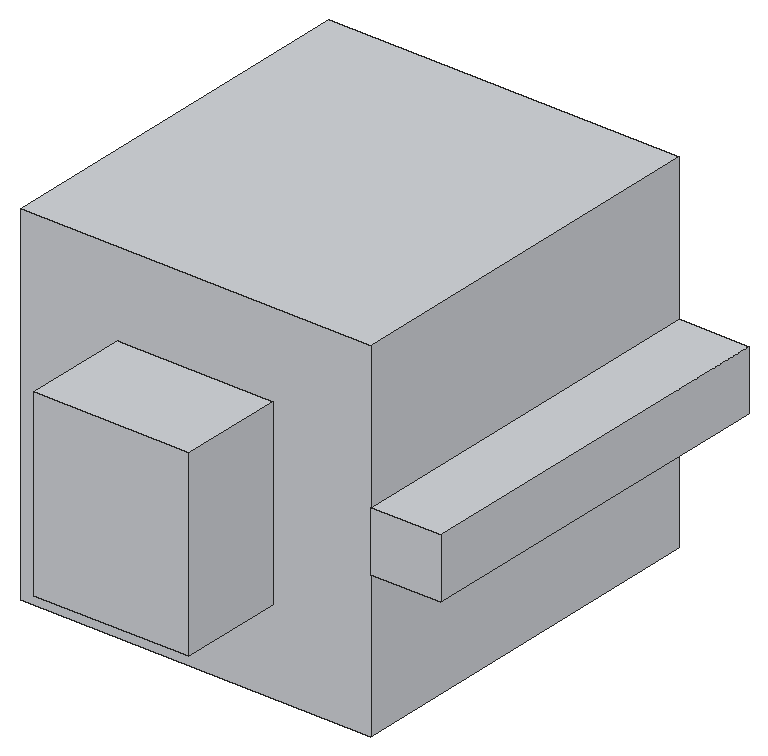
Revit family "НЕВАТОМ_Адаптер РЩ-П-1_20220407", category Арматура воздуховодов, Revit 2017
Family settings
  Размер круглого соединителя = Использовать диаметр
  Тип детали = Вставляется
  На основе рабочей плоскости = Нет
  Всегда вертикально = Нет
  При загрузке вырезать с полостями = Нет
  Общий = Нет
Parameters (values of type "РЩ-П-1")
  Материал = Материал корпуса
  t = 2 mm  # constant formula
  Nevatom_Частотный преобразователь = ""
  Nevatom_Регулятор расхода = ""
  Nevatom_URL = "https://t.me/NEVATOM_Bim_bot"
  Nevatom_ Для задания электроснабжения = ""
  H2 [instance] = 150 mm
  B2 [instance] = 220.82 mm
  ADSK_Размер_Ширина [instance] = B + 16 mm  # 550 mm
  ADSK_Размер_Длина [instance] = H1 + H  # 600 mm
  ADSK_Размер_Высота [instance] = A1  # 500 mm
  ADSK_Материал наименование = "Оцинкованная сталь"  # constant formula
  A+3 [instance] = A + 3 mm  # 86 mm
  H1 [instance] = 500 mm
  H [instance] = 100 mm
  B+16 [instance] = B + 16 mm  # 550 mm
  B [instance] = 534 mm
  A2 [instance] = 260 mm
  A1 [instance] = 500 mm
  A = 83 mm
  ADSK_Примечание = ""
  ADSK_Позиция = ""
  ADSK_Наименование = "АДАПТЕР РЩ"
  ADSK_Масса_Текст = "кг"
  ADSK_Масса = 0
  ADSK_Марка = "-П-1-ОЦ.-0.7-Т2-RAL1000"
  ADSK_Код изделия = ""
  ADSK_Завод-изготовитель = "NEVATOM"
  ADSK_Единица измерения = "шт"
Reference planes
  plane 1 "По центру (Вперед/Назад)": y = 0
  plane 2: z = -250
  plane 3 "По центру (Влево/Вправо)": x = 0
  plane 4: x = -250
  plane 5: x = 250
  plane 6: z = 250
  plane 7: y = -275
  plane 8: y = 275
  plane 9: z = 0
  plane 10: x = 350
  plane 11: z = 130
  plane 12: z = -130
  plane 13: x = -110.41
  plane 14: x = 110.41
  plane 15: y = -425
Forms (mm)
  Extrusion 1, solid
    sketch origin (0, 0, 0) x (1, 0, 0) y (0, 0, 1)
      loop
        line (-250, 250) -> (-250, -250) -> (250, -250) -> (250, 250) -> (-250, 250)
    from -275 to 275
  Extrusion 2, solid
    sketch origin (0, 0, 0) x (1, 0, 0) y (0, 1, 0)
      loop
        line (250, 275) -> (250, -275) -> (350, -275) -> (350, 275) -> (250, 275)
    from -43 to 43
  Extrusion 3, solid
    sketch origin (0, 0, 0) x (1, 0, 0) y (0, 0, 1)
      loop
        line (-110.41, 130) -> (-110.41, -130) -> (110.41, -130) -> (110.41, 130) -> (-110.41, 130)
    from 275 to 425
Dimensions and locks
  equal spacing: plane 4, plane 3 "По центру (Влево/Вправо)", plane 5
  equal spacing: plane 5, plane 3 "По центру (Влево/Вправо)", plane 4
  "A1": plane 6 to plane 2
  equal spacing: plane 6, level, plane 2
  "H1": plane 5 to plane 4
  equal spacing: plane 8, plane 1 "По центру (Вперед/Назад)", plane 7
  "B+16": plane 8 to plane 7
  "H": plane 5 to plane 10
  equal spacing: Extrusion 2, level, Extrusion 2
  "A+3": Extrusion 2 to Extrusion 2
  equal spacing: plane 14, plane 3 "По центру (Влево/Вправо)", plane 13
  equal spacing: plane 11, level, plane 12
  "B2": plane 14 to plane 13
  "A2": plane 11 to plane 12
  "H2": plane 7 to plane 15
  aligned and locked: level to plane 9
  aligned and locked: Extrusion 1 sketch curve to plane 6
  aligned and locked: plane 4 to Extrusion 1 sketch curve
  aligned and locked: plane 2 to Extrusion 1 sketch curve
  aligned and locked: Extrusion 1 sketch curve to plane 5
  aligned and locked: Extrusion 1 to plane 7
  aligned and locked: plane 8 to Extrusion 1
  aligned and locked: Extrusion 1 to Extrusion 2 sketch curve
  aligned and locked: Extrusion 2 sketch curve to Extrusion 1
  aligned and locked: plane 7 to Extrusion 2 sketch curve
  aligned and locked: Extrusion 2 sketch curve to plane 10
  aligned and locked: Extrusion 3 sketch curve to plane 11
  aligned and locked: plane 13 to Extrusion 3 sketch curve
  aligned and locked: plane 12 to Extrusion 3 sketch curve
  aligned and locked: Extrusion 3 sketch curve to plane 14
  aligned and locked: Extrusion 3 to plane 15
  aligned and locked: plane 7 to Extrusion 3
  aligned and locked: nested 1 to Extrusion 1  (x2)
  aligned and locked: Extrusion 1 to nested 1
Nested families
  nested 1: "НЕВАТОМ_QR-AxB" at (200, -225, 250), type "Nevatom_Logo_100x100", not visible
Connectors
  hvac at (350, 0, 0), driven by "A", driven by "B"
    settings: on Extrusion 2, index 1, duct flow 0.0 L/s, flow factor 0, pres drop 0.0 Pa, loss coef 0, conn angle 0.00°, conn width 534 mm, conn height 83 mm, conn diameter 609.6 mm, duct sys type 29, conn prof type 1, flow config 0, flow direction 0, loss method 0, conn ref index -1, conn util no, is conn primary yes, conn desc ""
  hvac at (0, -425, 0), driven by "A2", driven by "B2"
    settings: on Extrusion 3, index 2, duct flow 0.0 L/s, flow factor 0, pres drop 0.0 Pa, loss coef 0, conn angle 0.00°, conn width 220.82 mm, conn height 260 mm, conn diameter 609.6 mm, duct sys type 29, conn prof type 1, flow config 0, flow direction 0, loss method 0, conn ref index -1, conn util no, is conn primary no, conn desc ""
Definition of nested family "НЕВАТОМ_QR-AxB"
  Parameters (values of type "Nevatom_Logo_50x50")
    Logo_Image = none
    L = 2 mm
    B = A  # 50 mm
    A = 50 mm
  Types (5, lengths in mm): name | B | A
    (no name) | 50 | 50
    Nevatom_Logo_200x200 | 200 | 200
    Nevatom_Logo_100x100 | 100 | 100
    Nevatom_Logo_50x50 | 50 | 50
    Nevatom_Logo_25x25 | 25 | 25
  Reference planes
    plane 1 "По центру (Вперед/Назад)": y = 0
    plane 2: z = 0
    plane 3 "По центру (Влево/Вправо)": x = 0
    plane 4: x = -25
    plane 5: x = 25
    plane 6: y = 25
    plane 7: y = -25
  Forms (mm)
    Extrusion 1, solid, material <- "Logo_Image"
      sketch origin (0, 0, 0) x (1, 0, 0) y (0, 1, 0)
        loop
          line (-25, 25) -> (-25, -25) -> (25, -25) -> (25, 25) -> (-25, 25)
      from 0 to 2 <- "L"
  Lines and regions (mm)
    reference lines
      curve 1: line (-25, 25, 0) -> (25, 25, 0)
      curve 2: line (25, 25, 0) -> (25, -25, 0)
      curve 3: line (25, -25, 0) -> (-25, -25, 0)
      curve 4: line (-25, -25, 0) -> (-25, 25, 0)
  Dimensions and locks
    equal spacing: plane 4, plane 3 "По центру (Влево/Вправо)", plane 5
    "A": plane 4 to plane 5
    equal spacing: plane 6, plane 1 "По центру (Вперед/Назад)", plane 7
    "B": plane 6 to plane 7
    aligned and locked: level to plane 2
    aligned and locked: plane 6 to curve 1
    aligned and locked: plane 4 to curve 4
    aligned and locked: plane 5 to curve 2
    aligned and locked: plane 7 to curve 3
    aligned and locked: Extrusion 1 sketch curve to curve 1
    aligned and locked: Extrusion 1 sketch curve to curve 4
    aligned and locked: Extrusion 1 sketch curve to curve 3
    aligned and locked: Extrusion 1 sketch curve to curve 2
